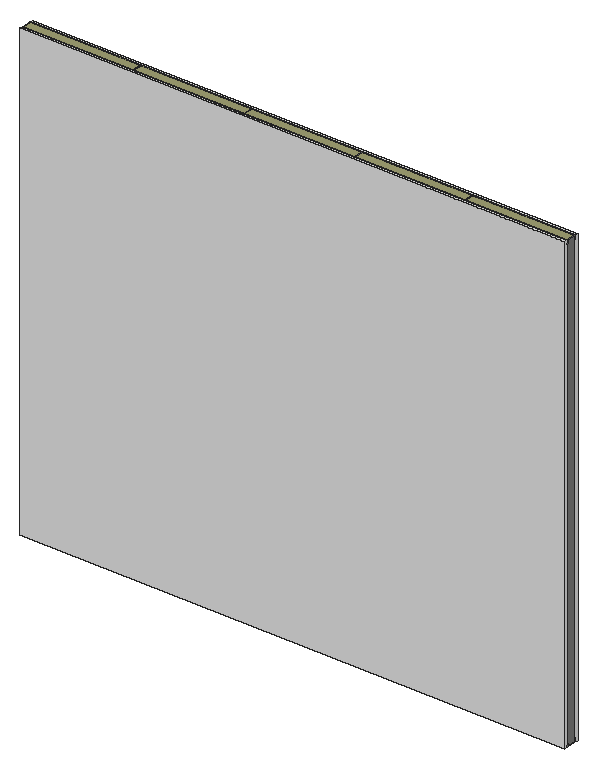
Revit family "Single layers wall system - Rigislab (STC 37_Uvalue 0.586)", category Structural Stiffeners, Revit 2020
Family settings
  OmniClass Number = 23.25.30.11.27
  OmniClass Title = Vibration and Earthquake Controls
  Cut with Voids When Loaded = No
  Shared = No
Parameters (values of type "STC 37(Plasterboard)")
  U-Value (W/m2k) = "0.586"
  U Value Report = ""
  Type of Insulation = "Glass Mineral Wool Semi-rigid slab"
  Thermal R Value = 1.4
  Thermal K Value = 0.348
  System Description = "1. Gypsum Plasterboard-12mm\r\n2. Ecowool Rigislab 50mm x 20kg/m3\r\n3. Stud 64mm r\r\n4. Gypsum Plasterboard-12mm"
  Sustainability - Same documentation for all selection = ""
  SubW [instance] = roundup([built-in parameter 1001306] / 609 mm) * 609 mm  # 3045 mm
  SubL [instance] = if([built-in parameter 1001306] > 1218 mm, No Insulation * 609 mm, if([built-in parameter 1001306] > 609 mm, 609 mm, if([built-in parameter 1001306] > 0 mm, 0 mm, No Insulation * 609 mm))) + 1 mm  # 2437 mm
  STC Report = ""
  STC No = "37"
  Remarks = "Recommended for drywall partition applications where some acoustic performance\r\nare required. Such as office & commercial environment"
  No Metal Stud [instance] = ([built-in parameter 1001306] / [Metal Stud Spacer (mm)])  # 5
  No Insulation [instance] = roundup(SubW / 609 mm) - 1  # 4
  Metal Stud Width = [Insulation Thickness (mm)]  # 55 mm
  Metal Stud Spacer (mm) = 609 mm
  Material Specification = "Ecowool Brownie RigiSlab"
  Manufacturer = "PGF Insulation Sdn. Bhd."
  MSDS = ""
  built-in parameter 1001306 [instance] = 3000 mm
  Insulation Length (mm) = 609 mm
  Insulation Thickness (mm) = 55 mm
  Installation and Workmanship- Same for all the system = ""
  Height Wall (mm) = 2500 mm
  Handling and Storage- Same for all system = ""
  Gypsum Thickness (mm) = 12.5 mm
  Finish = BROWNIE RigiSlab
  FAQ- Same for all System = ""
  Description = "Ecowool Rigislab is semi-rigid or rigid slabs of non-combustible, water repellent, glass mineral wool. They are designed to suit standard dry wall, ensuring a closed joint with adjacent slabs."
  Density = 20.00 kg/m³
  Board Material = Plaster Board
  Board 2 = no
  Board 1 = yes
  AutoCad Drawing = ""
Reference planes
  plane 1 "Center (Front/Back)": y = -12.5
  plane 2: z = 0
  plane 3 "Left": x = 0
  plane 4 "Right": x = 3000
  plane 5: z = 2500
  plane 6: x = 2437
  plane 7: x = 3046
Forms (mm)
  Extrusion 1, solid, material "BROWNIE RigiSlab" <- "Finish"
    sketch origin (0, 0, 0) x (1, 0, 0) y (0, 1, 0)
      loop
        line (2437, 15) -> (2437, -40) -> (3046, -40) -> (3046, 15) -> (2437, 15)
    from 0 to 2500
  Extrusion 2, void
    sketch origin (0, 0, 0) x (1, 0, 0) y (0, 1, 0)
      loop
        line (2999, 15) -> (2999, -40) -> (3046, -40) -> (3046, 15) -> (2999, 15)
    from -45.694 to 2779.923
Cuts and joins
  Extrusion 2 cuts Extrusion 1
Lines and regions (mm)
  reference lines
    curve 1: line (0, -12.5, 0) -> (3000, -12.5, 0)
Dimensions and locks
  "built-in parameter 1001306": plane 3 "Left" to plane 4 "Right"
  "Height Wall (mm)": plane 5 to level
  equal spacing: group 1, group 2, group 3, group 4, group 5  (x3)
  "Metal Stud Spacer (mm)": plane 3 "Left" to nested 3
  "SubL": plane 3 "Left" to plane 6
  locked: plane 6 to plane 7 at 609
  equal spacing: Extrusion 1 sketch curve, plane 1 "Center (Front/Back)", Extrusion 1 sketch curve
  "Insulation Thickness (mm)": Extrusion 1 sketch curve to Extrusion 1 sketch curve
  equal spacing: Extrusion 1, plane 1 "Center (Front/Back)", Extrusion 2 sketch curve
  "Insulation Thickness (mm)": Extrusion 2 sketch curve to Extrusion 2 sketch curve
  locked: Extrusion 2 sketch curve to plane 4 "Right" at 1
  plane 4 "Right" to plane 7 = 46 mm
  plane 6 to plane 4 "Right" = 563 mm
  equal spacing: group 6, group 7, group 8, group 9  (x3)
  equal spacing: Extrusion 2 sketch curve, Extrusion 2 sketch curve, nested 1
  aligned and locked: plane 4 "Right" to curve 1
  aligned and locked: plane 1 "Center (Front/Back)" to curve 1
  aligned and locked: plane 3 "Left" to curve 1
  aligned and locked: plane 3 "Left" to nested 1
  aligned and locked: plane 4 "Right" to nested 1
  aligned and locked: plane 5 to nested 2
  aligned and locked: plane 3 "Left" to nested 6
  aligned and locked: nested 8 to plane 4 "Right"
  aligned and locked: plane 1 "Center (Front/Back)" to nested 1
  aligned and locked: plane 1 "Center (Front/Back)" to nested 2
  aligned and locked: plane 1 "Center (Front/Back)" to nested 6
  aligned and locked: nested 8 to plane 1 "Center (Front/Back)"
  aligned and locked: nested 10 to nested 2
  aligned and locked: plane 1 "Center (Front/Back)" to nested 10
  aligned and locked: plane 7 to Extrusion 1 sketch curve
  aligned and locked: Extrusion 1 sketch curve to plane 6
  aligned and locked: plane 5 to Extrusion 1
  aligned and locked: Extrusion 1 to level
Automatic sketch dimensions
  Extrusion 2 sketch curve to plane 7 = 0 mm
Nested families
  nested 1: "Gypsum Plasterboard" at (0, -12.5, 0), type "Gypsum Plasterboard"
    with built-in parameter 1001306 3000 mm, Cement Board 2 no
  nested 2: "Metal Stud" at (0, -12.5, 0), type "Metal Stud"
    with Metal Stud Width 55 mm
  nested 3: "Metal Stud" at (609, -12.5, 0), type "Metal Stud"
    with Metal Stud Width 55 mm
  nested 4: "Metal Stud" at (1218, -12.5, 0), type "Metal Stud"
    with Metal Stud Width 55 mm
  nested 5: "Metal Stud" at (1827, -12.5, 0), type "Metal Stud"
    with Metal Stud Width 55 mm
  nested 6: "Metal Runner" at (0, -12.5, 0), type "Metal Runner"
    with Metal Runner Width 55 mm, Length Metal Runner 3000 mm
  nested 7: "Metal Runner" at (0, -12.5, 2500) x (1, 0, 0) z (0, 0, -1), type "Metal Runner"
    with Metal Runner Width 55 mm, Length Metal Runner 3000 mm
  nested 8: "Metal Stud" at (3000, -12.5, 0) x (-1, 0, 0) z (0, 0, 1), type "Metal Stud"
    with Metal Stud Width 55 mm
  nested 9: "Metal Stud" at (2436, -12.5, 0), type "Metal Stud"
    with Metal Stud Width 55 mm
  nested 10: "Insulation Brownie" at (1, -12.5, 0), type "Insulation Brownie"
    with Thickness Insulation 55 mm
  nested 11: "Insulation Brownie" at (610, -12.5, 0), type "Insulation Brownie"
    with Thickness Insulation 55 mm
  nested 12: "Insulation Brownie" at (1219, -12.5, 0), type "Insulation Brownie"
    with Thickness Insulation 55 mm
  nested 13: "Insulation Brownie" at (1828, -12.5, 0), type "Insulation Brownie"
    with Thickness Insulation 55 mm
Definition of nested family "Gypsum Plasterboard"
  Parameters (values of type "Gypsum Plasterboard")
    Platerboard (inner Layer) = 16 mm
    Manufacturer = "Rockwool"
    built-in parameter 1001306 [instance] = 1200 mm
    Insulation Width = 55 mm
    Height Wall = 2500 mm
    Gypsum Thickness = 12.5 mm
    Description = "Double layers wall system - Rigislab 5020"
    Cement Board 2 = yes
    Cement Board 1 = yes
    Board Type = none
  Reference planes
    plane 1 "Center (Front/Back)": y = 0
    plane 2: z = 0
    plane 3 "Left": x = 0
    plane 4 "Right": x = 1200
    plane 5: y = 27.5
    plane 6: y = -27.5
    plane 7: z = 2500
  Forms (mm)
    Sweep 1, solid, material <- "Board Type", visible <- "Cement Board 1"
      path origin (0, 0, 0) x (1, 0, 0) y (0, -1, 0)
        loop
          line (0, 0) -> (1200, 0)
      profile origin (600, 0, 0) x (0, 1, 0) y (0, 0, 1)
        loop
          line (27.5, 2500) -> (27.5, 0) -> (43.5, 0) -> (43.5, 2500) -> (27.5, 2500)
    Sweep 2, solid, material <- "Board Type", visible <- "Cement Board 2"
      path origin (0, 16, 0) x (1, 0, 0) y (0, -1, 0)
        loop
          line (0, 0) -> (1200, 0)
      profile origin (600, 16, 0) x (0, 1, 0) y (0, 0, 1)
        loop
          line (27.5, 2500) -> (27.5, 0) -> (40, 0) -> (40, 2500) -> (27.5, 2500)
    Sweep 3, solid, material <- "Board Type", visible <- "Cement Board 1"
      path origin (0, 0, 0) x (1, 0, 0) y (0, 1, 0)
        loop
          line (0, 0) -> (1200, 0)
      profile origin (600, 0, 0) x (0, 1, 0) y (0, 0, 1)
        loop
          line (-27.5, 2500) -> (-43.5, 2500) -> (-43.5, 0) -> (-27.5, 0) -> (-27.5, 2500)
    Sweep 4, solid, material <- "Board Type", visible <- "Cement Board 2"
      path origin (0, -16, 0) x (1, 0, 0) y (0, 1, 0)
        loop
          line (0, 0) -> (1200, 0)
      profile origin (600, -16, 0) x (0, 1, 0) y (0, 0, 1)
        loop
          line (-27.5, 2500) -> (-40, 2500) -> (-40, 0) -> (-27.5, 0) -> (-27.5, 2500)
  Lines and regions (mm)
    reference lines
      curve 1: line (0, 0, 0) -> (1200, 0, 0)
  Dimensions and locks
    "built-in parameter 1001306": plane 3 "Left" to plane 4 "Right"
    "Insulation Width": plane 6 to plane 5
    "Height Wall": level to plane 7
    "built-in parameter 1001306": Sweep 1 sketch curve to Sweep 1 sketch curve
    "Platerboard (inner Layer)": Sweep 1 sketch curve to Sweep 1 sketch curve
    "built-in parameter 1001306": Sweep 2 sketch curve to Sweep 2 sketch curve
    "Gypsum Thickness": Sweep 2 sketch curve to Sweep 2 sketch curve
    equal spacing: plane 6, plane 1 "Center (Front/Back)", plane 5
    "built-in parameter 1001306": Sweep 3 sketch curve to Sweep 3 sketch curve
    "Platerboard (inner Layer)": Sweep 3 sketch curve to Sweep 3 sketch curve
    "built-in parameter 1001306": Sweep 4 sketch curve to Sweep 4 sketch curve
    "Gypsum Thickness": Sweep 4 sketch curve to Sweep 4 sketch curve
    aligned and locked: plane 4 "Right" to curve 1
    aligned and locked: plane 1 "Center (Front/Back)" to curve 1
    aligned and locked: plane 3 "Left" to curve 1
    aligned and locked: plane 5 to Sweep 1
    aligned and locked: Sweep 2 to Sweep 2
    aligned and locked: Sweep 1 sketch curve to plane 7
    aligned and locked: Sweep 2 sketch curve to plane 7
    aligned and locked: Sweep 2 to Sweep 1
    aligned and locked: Sweep 4 to Sweep 4
    aligned and locked: Sweep 3 to Sweep 4
  Automatic sketch dimensions
    plane 1 "Center (Front/Back)" to Sweep 1 sketch curve = 0 mm
    Sweep 1 sketch curve to plane 3 "Left" = 0 mm
    Sweep 1 sketch curve to level = 0 mm
    Sweep 1 sketch curve to profile plane = 27.5 mm
    Sweep 2 sketch curve to plane 3 "Left" = 0 mm
    Sweep 2 sketch curve to plane 5 = 11.5 mm
    Sweep 2 sketch curve to level = 0 mm
    Sweep 2 sketch curve to profile plane = 27.5 mm
    plane 1 "Center (Front/Back)" to Sweep 3 sketch curve = 0 mm
    Sweep 3 sketch curve to plane 3 "Left" = 0 mm
    Sweep 3 sketch curve to level = 0 mm
    profile plane to Sweep 3 sketch curve = 43.5 mm
    Sweep 3 sketch curve to Sweep 3 sketch curve = 2500 mm
    Sweep 4 sketch curve to plane 3 "Left" = 0 mm
    Sweep 4 sketch curve to plane 6 = 11.5 mm
    Sweep 4 sketch curve to level = 0 mm
    profile plane to Sweep 4 sketch curve = 40 mm
    level to Sweep 4 sketch curve = 2500 mm
Definition of nested family "Metal Stud"
  Parameters (values of type "Metal Stud")
    Metal Stud Width = 50 mm
    Height = 2500 mm
  Reference planes
    plane 1 "Center (Front/Back)": y = 0
    plane 2: z = 0
    plane 3 "Center (Left/Right)": x = 0
    plane 4 "Center L/S": y = 25
    plane 5 "Center L/T": y = -25
    plane 6: z = 1
    plane 7: z = 2500
    plane 8: z = 2499
  Forms (mm)
    Extrusion 1, solid
      sketch origin (0, 0, 0) x (1, 0, 0) y (0, 1, 0)
        loop
          line (0, 25) -> (0, -25) -> (20, -25) -> (20, -24) -> (1, -24) -> (1, 24) -> (20, 24) -> (20, 25) -> (0, 25)
      from 1 to 2499
  Dimensions and locks
    Extrusion 1 sketch curve to Extrusion 1 sketch curve = 1 mm  (x3)
    locked: plane 8 to plane 7 at 1
    plane 1 "Center (Front/Back)" to Extrusion 1 = 25 mm
    "Height": plane 7 to level
    "Metal Stud Width": plane 5 "Center L/T" to plane 4 "Center L/S"
    equal spacing: plane 5 "Center L/T", plane 1 "Center (Front/Back)", plane 4 "Center L/S"
    locked: plane 6 to plane 2 at 1
    aligned and locked: plane 4 "Center L/S" to Extrusion 1
    aligned and locked: plane 5 "Center L/T" to Extrusion 1
    aligned and locked: plane 3 "Center (Left/Right)" to Extrusion 1
    aligned and locked: Extrusion 1 to plane 6
    aligned and locked: plane 8 to Extrusion 1
  Automatic sketch dimensions
    Extrusion 1 sketch curve to plane 3 "Center (Left/Right)" = 0 mm
    plane 4 "Center L/S" to Extrusion 1 sketch curve = 0 mm
    plane 5 "Center L/T" to Extrusion 1 sketch curve = 0 mm
    Extrusion 1 sketch curve to Extrusion 1 sketch curve = 19 mm  (x2)
Definition of nested family "Metal Runner"
  Parameters (values of type "Metal Runner")
    Metal Runner Width = 48 mm
    Length Metal Runner = 2460 mm
    Default Elevation = 1219.2 mm
  Reference planes
    plane 1 "Center (Front/Back)": y = 0
    plane 2: z = 0
    plane 3 "Center (Left/Right)": x = 0
    plane 4 "Center L/S": y = 24
    plane 5 "Center L/T": y = -24
  Forms (mm)
    Extrusion 1, solid
      sketch origin (0, 0, 0) x (0, 1, 0) y (0, 0, 1)
        loop
          line (24, 0) -> (24, 20) -> (23, 20) -> (23, 1) -> (-23, 1) -> (-23, 20) -> (-24, 20) -> (-24, 0) -> (24, 0)
      from 0 to 2460
  Dimensions and locks
    "Metal Runner Width": plane 5 "Center L/T" to plane 4 "Center L/S"
    equal spacing: plane 5 "Center L/T", plane 1 "Center (Front/Back)", plane 4 "Center L/S"
    Extrusion 1 sketch curve to Extrusion 1 sketch curve = 1 mm  (x3)
    "Length Metal Runner": Extrusion 1 to Extrusion 1
    aligned and locked: plane 4 "Center L/S" to Extrusion 1 sketch curve
    aligned and locked: Extrusion 1 sketch curve to level
    aligned and locked: plane 5 "Center L/T" to Extrusion 1 sketch curve
  Automatic sketch dimensions
    Extrusion 1 sketch curve to Extrusion 1 sketch curve = 19 mm  (x2)
Definition of nested family "Insulation Brownie"
  Parameters (values of type "Insulation Brownie")
    Thickness Insulation = 75 mm
    Length of Insulation = 609 mm
    Height of Insulation = 2500 mm
    Finish = none
  Reference planes
    plane 1 "Center (Front/Back)": y = 0
    plane 2: z = 0
    plane 3 "Center (Left/Right)": x = 0
    plane 4: z = 2500
    plane 5: y = 37.5
    plane 6: y = -37.5
  Forms (mm)
    Sweep 1, solid, material <- "Finish"
      path origin (0, 0, 0) x (1, 0, 0) y (0, 1, 0)
        loop
          line (0, 0) -> (609, 0)
      profile origin (304.5, 0, 0) x (0, 1, 0) y (0, 0, 1)
        loop
          line (37.5, 2500) -> (-37.5, 2500) -> (-37.5, 0) -> (37.5, 0) -> (37.5, 2500)
  Dimensions and locks
    "Length of Insulation": Sweep 1 sketch curve to Sweep 1 sketch curve
    "Height of Insulation": plane 4 to level
    equal spacing: plane 5, plane 1 "Center (Front/Back)", plane 6
    "Thickness Insulation": plane 5 to plane 6
    aligned and locked: plane 3 "Center (Left/Right)" to Sweep 1 sketch curve
    aligned and locked: plane 5 to Sweep 1 sketch curve
    aligned and locked: Sweep 1 sketch curve to plane 6
  Automatic sketch dimensions
    plane 1 "Center (Front/Back)" to Sweep 1 sketch curve = 0 mm
    Sweep 1 sketch curve to level = 0 mm
    Sweep 1 sketch curve to plane 4 = 0 mm
